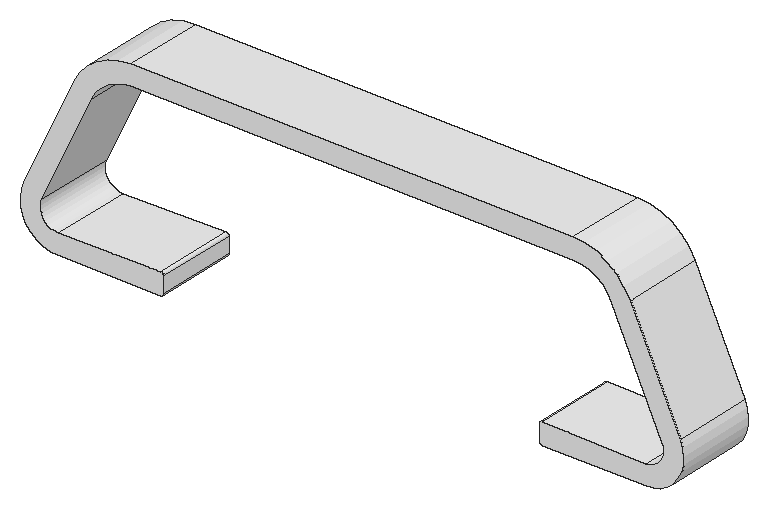
Revit family "Towel Rail-Hand-Dorf Napoleon", category Specialty Equipment, host Face, Revit 2014
Parameters (values of type "Standard")
  URL = "http://specify.caroma.com.au/"
  Type Comments = "Dorf Napoleon Hand Towel Rail"  # constant formula
  ModifiedIssue_ANZRS = 20160316.54  # constant formula
  Model = "6534.04"  # constant formula
  Material_ANZRS = Metal-Chrome-Caroma
  Manufacturer = "GWA Bathrooms&Kitchens"  # constant formula
  Keynote = ""
  Description = "TBC"  # constant formula
  Default Elevation = 0 mm
  CreatedBy_ANZRS = "Design Content"  # constant formula
  CreatedByURL_ANZRS = "http://www.designcontent.com.au"
  Cost = 0  # constant formula
  Assembly Code = "C1030200"
Reference planes
  plane 1 "Center (Front/Back)": y = 0
  plane 2: z = 0
  plane 3 "Center (Left/Right)": x = 0
  plane 4: through (0, 174.734, 207.382) normal (0, -0.682, 0.7314)
Forms (mm)
  Extrusion 1, solid, material "Metal-Chrome-Caroma" <- "Material_ANZRS"
    sketch origin (-54.453, 286.591, 1219.2) x (-1, 0, 0) y (0, 0, 1)
      loop
        arc (22.327, -1157.691) -> (30.361, -1160.033) -> (35.878, -1166.324) r 14.952
        line (35.878, -1166.324) -> (53.287, -1203.657)
        arc (53.287, -1203.657) -> (52.886, -1209.468) -> (47.75, -1212.217) r 6.018
        line (47.75, -1212.217) -> (11.855, -1211.723)
        arc (11.855, -1211.723) -> (11.146, -1212.01) -> (10.856, -1212.717) r 0.986
        line (10.856, -1212.717) -> (10.856, -1218.194)
        arc (10.856, -1218.194) -> (11.15, -1218.905) -> (11.861, -1219.2) r 1.006
        line (11.861, -1219.2) -> (47.783, -1219.2)
        arc (47.783, -1219.2) -> (58.774, -1213.17) -> (59.594, -1200.661) r 13.031
        line (59.594, -1200.661) -> (42.223, -1163.409)
        arc (42.223, -1163.409) -> (34.106, -1154.154) -> (22.288, -1150.709) r 21.996
        line (22.288, -1150.709) -> (-131.194, -1150.709)
        arc (-131.194, -1150.709) -> (-143.013, -1154.154) -> (-151.129, -1163.409) r 21.996
        line (-151.129, -1163.409) -> (-168.501, -1200.661)
        arc (-168.501, -1200.661) -> (-167.681, -1213.17) -> (-156.69, -1219.2) r 13.031
        line (-156.69, -1219.2) -> (-120.768, -1219.2)
        arc (-120.768, -1219.2) -> (-120.057, -1218.905) -> (-119.762, -1218.194) r 1.006
        line (-119.762, -1218.194) -> (-119.762, -1212.717)
        arc (-119.762, -1212.717) -> (-120.053, -1212.01) -> (-120.762, -1211.723) r 0.986
        line (-120.762, -1211.723) -> (-156.657, -1212.217)
        arc (-156.657, -1212.217) -> (-161.793, -1209.468) -> (-162.194, -1203.657) r 6.018
        line (-162.194, -1203.657) -> (-144.785, -1166.324)
        arc (-144.785, -1166.324) -> (-139.267, -1160.033) -> (-131.234, -1157.691) r 14.952
        line (-131.234, -1157.691) -> (22.327, -1157.691)
    from -300.6 to -272.6
Dimensions and locks
  aligned and locked: plane 2 to host face
  aligned and locked: level to host face
